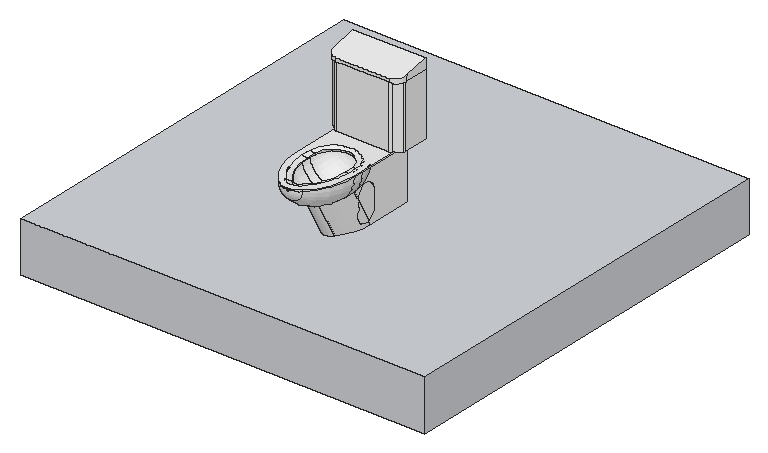
Revit family
Parameters (values of type "WH2145_12")
  Waste Connection = yes
  WH2145_12 - Cistern Tank Toilet (Floor waste is 12” from wall to the center of waste outlet) = yes
  WFU = 10
  Vent Connection = no
  URL = "http://www.whitehallmfg.com"
  Type Comments = ""
  Phone# = "626-336-4561"
  Model = "WH2145_12"
  Material = Stainless Steel-Whitehall-16 Gage-Powder Coated White
  Manufacturer = "Whitehall Mfg"
  HWFU = 0
  HW Connection = no
  Designed By = "Allied Technical Services"  # constant formula
  Description = "Whitehall Ligature Resistant Cistern Tank Toilet"
  Default Elevation = 0"
  Creation Date = "07/20/2015"  # constant formula
  CWFU = 10
  CW Connection = yes
  Assembly Code = "D2010110"
  ATS URL = "http://www.atsspec.net"
Reference planes (in)
  plane 1 "Center (Front/Back)": y = 1.5
  plane 2: z = 0
  plane 3 "Center (Left/Right)": x = 0
  plane 4: x = -7
  plane 5: x = 7
  plane 6: z = 15
  plane 7: y = -29
  plane 8: y = -6.375
  plane 9: z = 32.25
  plane 10: z = 29.75
  plane 11: x = -8.5625
  plane 12: x = 8.5625
  plane 13: x = 4.0625
  plane 14: x = -4.0625
  plane 15: x = -4.0625
  plane 16: x = 4.0625
  plane 17: x = -4.0625
  plane 18: x = 4.0625
  plane 19: y = -10.5
  plane 20: y = -17.625
  plane 21: y = -22.625
  plane 22: x = -5.5
  plane 23: y = -1.39645
  plane 24: y = -10.5
Forms (in)
  Extrusion 1, solid
    sketch origin (0, 0, 0) x (1, 0, 0) y (0, 1, 0)
      loop
        line (-48, 48) -> (-48, -48) -> (48, -48) -> (48, 48) -> (-48, 48)
    from 0 to -12
  Blend 2, solid, material "Stainless Steel-Whitehall-16 Gage-Powder Coated White" <- "Material"
    base sketch origin (0, -1.72011, 0) x (1, 0, 0) y (0, 1, 0)
      loop
        line (4.0625, 3.22011) -> (-4.0625, 3.22011) -> (-4.0625, -7.55903)
        arc (-4.0625, -7.55903) -> (-3.43599, -11.51354) -> (-1.61783, -15.08074) r 12.79364
        arc (-1.61783, -15.08074) -> (0, -15.90489) -> (1.61783, -15.08074) r 2
        arc (1.61783, -15.08074) -> (3.43599, -11.51354) -> (4.0625, -7.55903) r 12.79364
        line (4.0625, -7.55903) -> (4.0625, 3.22011)
    top sketch origin (0, -1.72011, 0) x (1, 0, 0) y (0, 1, 0)
      loop
        line (-4.0625, 3.22011) -> (-4.0625, -12.55903)
        arc (-4.0625, -12.55903) -> (-3.43599, -16.51354) -> (-1.61783, -20.08074) r 12.79364
        arc (-1.61783, -20.08074) -> (0, -20.90489) -> (1.61783, -20.08074) r 2
        arc (1.61783, -20.08074) -> (3.43599, -16.51354) -> (4.0625, -12.55903) r 12.79364
        line (4.0625, -12.55903) -> (4.0625, 3.22011) -> (-4.0625, 3.22011)
    from 0 to 9.35933
  Revolve 3, solid, material "Stainless Steel-Whitehall-16 Gage-Powder Coated White" <- "Material"
    sketch origin (0, 0, 14.75) x (1, 0, 0) y (0, 1, 0)
      loop
        arc (-2.88823, -27.76733) -> (-1.57014, -28.67895) -> (0, -29) r 4
        line (0, -29) -> (0, -27.75)
        arc (0, -27.75) -> (-1.07947, -27.52928) -> (-1.98566, -26.90254) r 2.75
        arc (-1.98566, -26.90254) -> (-4.77373, -22.58152) -> (-5.75, -17.53261) r 13.54364
        line (-5.75, -17.53261) -> (-5.75, -15.28261)
        arc (-5.75, -15.28261) -> (-4.06586, -11.21675) -> (0, -9.53261) r 5.75
        line (0, -9.53261) -> (0, -8.28261)
        arc (0, -8.28261) -> (-4.94975, -10.33287) -> (-7, -15.28261) r 7
        line (-7, -15.28261) -> (-7, -17.53261)
        arc (-7, -17.53261) -> (-5.93362, -23.0475) -> (-2.88823, -27.76733) r 14.79364
      axis (0, -8.28261) -> (0, -29)
    angle from 0 to 180
  Blend 4, solid, material "Stainless Steel-Whitehall-16 Gage-Powder Coated White" <- "Material"
    base sketch origin (0, -2.10102, 0) x (1, 0, 0) y (0, 1, 0)
      loop
        line (-4.0625, 3.60102) -> (-4.0625, -11.43316)
        arc (-4.0625, -11.43316) -> (0, -8.43159) -> (4.0625, -11.43316) r 4.25
        line (4.0625, -11.43316) -> (4.0625, 3.60102) -> (-4.0625, 3.60102)
    top sketch origin (0, -2.10102, 0) x (1, 0, 0) y (0, 1, 0)
      loop
        line (-4.0625, 3.60102) -> (-4.0625, -7.83302)
        arc (-4.0625, -7.83302) -> (0, -5.23884) -> (4.0625, -7.83302) r 4.47804
        line (4.0625, -7.83302) -> (4.0625, 3.60102) -> (-4.0625, 3.60102)
    from 9.35933 to 14.75
  Extrusion 5, solid, material "Stainless Steel-Whitehall-16 Gage-Powder Coated White"
    sketch origin (0, 0, 0) x (1, 0, 0) y (0, 1, 0)
      loop
        arc (-7, -17.53261) -> (-5.93362, -23.0475) -> (-2.88823, -27.76733) r 14.79364
        arc (-2.88823, -27.76733) -> (0, -29) -> (2.88823, -27.76733) r 4
        arc (2.88823, -27.76733) -> (5.93362, -23.0475) -> (7, -17.53261) r 14.79364
        line (7, -17.53261) -> (7, 1.5) -> (-7, 1.5) -> (-7, -17.53261)
      loop
        line (-5.75, -15.28261) -> (-5.75, -17.53261)
        arc (-5.75, -17.53261) -> (-4.77373, -22.58152) -> (-1.98566, -26.90254) r 13.54364
        arc (-1.98566, -26.90254) -> (0, -27.75) -> (1.98566, -26.90254) r 2.75
        arc (1.98566, -26.90254) -> (4.77373, -22.58152) -> (5.75, -17.53261) r 13.54364
        line (5.75, -17.53261) -> (5.75, -15.28261)
        arc (5.75, -15.28261) -> (0, -9.53261) -> (-5.75, -15.28261) r 5.75
      loop
        circle (0, -2.75) r 0.75
    from 14.75 to 15
  Sweep 6, solid, material "Stainless Steel-Whitehall-16 Gage-Powder Coated White"
    path origin (0, 0, 0) x (1, 0, 0) y (0, 1, 0)
      loop
        arc (-5.75, -17.53261) -> (-4.77373, -22.58152) -> (-1.98566, -26.90254) r 13.54364
        arc (-1.98566, -26.90254) -> (0, -27.75) -> (1.98566, -26.90254) r 2.75
        arc (1.98566, -26.90254) -> (4.77373, -22.58152) -> (5.75, -17.53261) r 13.54364
        line (5.75, -17.53261) -> (5.75, -15.28261)
        arc (5.75, -15.28261) -> (0, -9.53261) -> (-5.75, -15.28261) r 5.75
        line (-5.75, -15.28261) -> (-5.75, -17.53261)
    profile origin (-5.75, -16.40761, 0) x (-1, 0, 0) y (0, 0, 1)
      loop
        line (0, 15) -> (-0.25, 15)
        arc (-0.25, 15) -> (-0.82681, 14.90577) -> (-1.34365, 14.63287) r 1.8125
        arc (-1.34365, 14.63287) -> (-1.36912, 14.5504) -> (-1.29904, 14.5) r 0.07392
        line (-1.29904, 14.5) -> (0, 14.5) -> (0, 15)
  Extrusion 7, void
    sketch origin (0, -4.2969, 0) x (1, 0, 0) y (0, 1, 0)
      loop
        circle (0, -6.2031) r 1.0625
    from 0 to 0.25
  Extrusion 8, solid, material "Stainless Steel-Whitehall-16 Gage-Powder Coated White"
    sketch origin (0, 0, 0) x (1, 0, 0) y (0, 1, 0)
      loop
        line (-8.5625, 1.5) -> (-8.5625, -4.29289)
        arc (-8.5625, -4.29289) -> (-8.52444, -4.48423) -> (-8.41605, -4.64645) r 0.5
        line (-8.41605, -4.64645) -> (-6.98039, -6.08211)
        arc (-6.98039, -6.08211) -> (-6.65597, -6.29888) -> (-6.27329, -6.375) r 1
        line (-6.27329, -6.375) -> (6.27329, -6.375)
        arc (6.27329, -6.375) -> (6.65597, -6.29888) -> (6.98039, -6.08211) r 1
        line (6.98039, -6.08211) -> (8.41605, -4.64645)
        arc (8.41605, -4.64645) -> (8.52444, -4.48423) -> (8.5625, -4.29289) r 0.5
        line (8.5625, -4.29289) -> (8.5625, 1.5) -> (-8.5625, 1.5)
    from 15 to 29.75
  Extrusion 9, void
    sketch origin (0, 3.375, 0) x (0, 1, 0) y (0, 0, 1)
      loop
        line (-9.75, 30.57612) -> (-1.875, 32.25) -> (-9.75, 32.25) -> (-9.75, 30.57612)
    from -8.5625 to 8.5625
  Blend 10, solid, material "Stainless Steel-Whitehall-16 Gage-Powder Coated White" <- "Material"
    base sketch origin (0, 0, 0) x (1, 0, 0) y (0, 1, 0)
      loop
        line (-8.5625, 1.5) -> (-8.5625, -4.125)
        arc (-8.5625, -4.125) -> (-7.90349, -5.71599) -> (-6.3125, -6.375) r 2.25
        line (-6.3125, -6.375) -> (6.3125, -6.375)
        arc (6.3125, -6.375) -> (7.90349, -5.71599) -> (8.5625, -4.125) r 2.25
        line (8.5625, -4.125) -> (8.5625, 1.5) -> (-8.5625, 1.5)
    top sketch origin (0, 0, 0) x (1, 0, 0) y (0, 1, 0)
      loop
        line (-8.5625, 1.5) -> (-8.5625, -4.125)
        arc (-8.5625, -4.125) -> (-7.90349, -5.71599) -> (-6.3125, -6.375) r 2.25
        line (-6.3125, -6.375) -> (6.3125, -6.375)
        arc (6.3125, -6.375) -> (7.90349, -5.71599) -> (8.5625, -4.125) r 2.25
        line (8.5625, -4.125) -> (8.5625, 1.5) -> (-8.5625, 1.5)
    from 29.75 to 32.25
  Extrusion 11, solid, material "Stainless Steel-Whitehall-16 Gage-Powder Coated White"
    sketch origin (0, 0.375, 0) x (0, 1, 0) y (0, 0, 1)
      loop
        arc (-3.375, 29.5) -> (-3.46339, 29.46339) -> (-3.5, 29.375) r 0.125
        line (-3.5, 29.375) -> (-3.5, 28.125)
        arc (-3.5, 28.125) -> (-3.46339, 28.03661) -> (-3.375, 28) r 0.125
        line (-3.375, 28) -> (-2.125, 28)
        arc (-2.125, 28) -> (-2.03661, 28.03661) -> (-2, 28.125) r 0.125
        line (-2, 28.125) -> (-2, 29.375)
        arc (-2, 29.375) -> (-2.03661, 29.46339) -> (-2.125, 29.5) r 0.125
        line (-2.125, 29.5) -> (-3.375, 29.5)
    from -9.0625 to -8.5625
  Extrusion 12, solid, material "Stainless Steel-Whitehall-16 Gage-Powder Coated White"
    sketch origin (0, 0.375, 0) x (0, 1, 0) y (0, 0, 1)
      loop
        line (-2.125, 28.25) -> (-2.125, 29.25)
        arc (-2.125, 29.25) -> (-2.16161, 29.33839) -> (-2.25, 29.375) r 0.125
        line (-2.25, 29.375) -> (-3.25, 29.375)
        arc (-3.25, 29.375) -> (-3.33839, 29.33839) -> (-3.375, 29.25) r 0.125
        line (-3.375, 29.25) -> (-3.375, 28.25)
        arc (-3.375, 28.25) -> (-3.33839, 28.16161) -> (-3.25, 28.125) r 0.125
        line (-3.25, 28.125) -> (-2.25, 28.125)
        arc (-2.25, 28.125) -> (-2.16161, 28.16161) -> (-2.125, 28.25) r 0.125
    from -9.3125 to -8.5625
  Revolve 13, void
    sketch origin (0, 0, 14.75) x (1, 0, 0) y (0, 1, 0)
      loop
        arc (0, -9.53261) -> (-4.06586, -11.21675) -> (-5.75, -15.28261) r 5.75
        line (-5.75, -15.28261) -> (-5.75, -17.53261)
        arc (-5.75, -17.53261) -> (-4.77373, -22.58152) -> (-1.98566, -26.90254) r 13.54364
        arc (-1.98566, -26.90254) -> (-1.07947, -27.52928) -> (0, -27.75) r 2.75
        line (0, -27.75) -> (0, -9.53261)
      axis (0, -9.53261) -> (0, -27.75)
    angle from 0 to 180
  Extrusion 14, solid, material "Stainless Steel-Whitehall-16 Gage-Powder Coated White" <- "Material"
    sketch origin (2.9375, 0, 0.22882) x (1, 0, 0) y (0, 1, 0)
      loop
        line (-9.9375, 1.5) -> (-9.9375, -3.5) -> (-7.03125, -3.5) -> (-7.03125, -4) -> (-7, -4) -> (-7, 1.5) -> (-9.9375, 1.5)
    from 2.77118 to 14.52118
  Extrusion 15, void
    sketch origin (0, 0, 0) x (0, 1, 0) y (0, 0, -1)
      loop
        line (1.5, -3) -> (-4, -3) -> (-4, -5) -> (-3.5, -5) -> (1.5, -3)
    from 4.0625 to 7
  Extrusion 16, void
    sketch origin (0, 0, 0) x (0, 1, 0) y (0, 0, 1)
      loop
        circle (-10.50322, 9.16665) r 0.125
      loop
        circle (-12.52933, 7.18292) r 0.125
      loop
        circle (-12.5221, 3.13641) r 0.125
      loop
        circle (-10.50322, 1.14002) r 0.125
      loop
        circle (-8.4771, 7.18292) r 0.125
      loop
        circle (-8.48433, 3.13641) r 0.125
      loop
        line (-12.75, 7.14454) -> (-12.75, 3.09537)
        arc (-12.75, 3.09537) -> (-10.5, 0.84537) -> (-8.25, 3.09537) r 2.25
        line (-8.25, 3.09537) -> (-8.25, 7.14454)
        arc (-8.25, 7.14454) -> (-10.5, 9.39454) -> (-12.75, 7.14454) r 2.25
      loop
        arc (-8.28125, 7.14454) -> (-10.5, 9.36329) -> (-12.71875, 7.14454) r 2.21875
        line (-12.71875, 7.14454) -> (-12.71875, 3.09537)
        arc (-12.71875, 3.09537) -> (-10.5, 0.87662) -> (-8.28125, 3.09537) r 2.21875
        line (-8.28125, 3.09537) -> (-8.28125, 7.14454)
    from 3.72076 to 4.34109
  Extrusion 17, void
    sketch origin (0, 0, 0) x (0, 1, 0) y (0, 0, -1)
      loop
        circle (-10.50322, -9.16665) r 0.125
      loop
        circle (-12.52933, -7.18292) r 0.125
      loop
        circle (-12.5221, -3.13641) r 0.125
      loop
        circle (-10.50322, -1.14002) r 0.125
      loop
        circle (-8.4771, -7.18292) r 0.125
      loop
        circle (-8.48433, -3.13641) r 0.125
      loop
        arc (-12.75, -7.14454) -> (-10.5, -9.39454) -> (-8.25, -7.14454) r 2.25
        line (-8.25, -7.14454) -> (-8.25, -3.09537)
        arc (-8.25, -3.09537) -> (-10.5, -0.84537) -> (-12.75, -3.09537) r 2.25
        line (-12.75, -3.09537) -> (-12.75, -7.14454)
      loop
        line (-8.28125, -7.14454) -> (-8.28125, -3.09537)
        arc (-8.28125, -3.09537) -> (-10.5, -0.87662) -> (-12.71875, -3.09537) r 2.21875
        line (-12.71875, -3.09537) -> (-12.71875, -7.14454)
        arc (-12.71875, -7.14454) -> (-10.5, -9.36329) -> (-8.28125, -7.14454) r 2.21875
    from 3.72076 to 4.34109
  Extrusion 18, solid, material "Stainless Steel-Whitehall-16 Gage-Powder Coated White"
    sketch origin (0, 0, 0.48981) x (1, 0, 0) y (0, 1, 0)
      loop
        circle (-5.5, -1.39645) r 0.5
    from 13.26019 to 14.26019
Cuts and joins
  Extrusion 7, Revolve 13, Extrusion 15, Extrusion 16, Extrusion 17 cuts Blend 2
  Extrusion 7, Extrusion 15, Extrusion 16, Extrusion 17 cuts Revolve 3
  Extrusion 7, Extrusion 15, Extrusion 16, Extrusion 17 cuts Blend 4
  Extrusion 15, Extrusion 16, Extrusion 17 cuts Extrusion 14
  joined: Blend 2, Revolve 3, Blend 4, Extrusion 14
  joined: Extrusion 5, Sweep 6, Extrusion 8, Extrusion 11, Extrusion 12, Extrusion 18
  Extrusion 9 cuts Blend 10
Lines and regions (in)
  Split face 1
    outline origin (7, -6.375, 30.57612) x (0, 0.978148, 0.207912) y (-1, 0, 0)
      loop
        circle (7.6628, 7) r 0.125
  Split face 2
    outline origin (7.0625, -6.375, 30.57612) x (0, 0.978148, 0.207912) y (-1, 0, 0)
      loop
        circle (7.6628, 14.8939) r 0.125
  Split face 3
    outline origin (8.5625, -6.375, 30.57612) x (0, 0.978148, 0.207912) y (-1, 0, 0)
      loop
        circle (7.6628, 0.75) r 0.125
  Split face 4
    outline origin (0, -6.375, 29.8756) x (1, 0, 0) y (0, 0, 1)
      loop
        circle (0, 0.24218) r 0.125
  Split face 5
    outline origin (0, -6.375, 29.8756) x (1, 0, 0) y (0, 0, 1)
      loop
        circle (-5.86086, 0.24218) r 0.125
  Split face 6
    outline origin (0, -6.375, 29.8756) x (1, 0, 0) y (0, 0, 1)
      loop
        circle (5.86086, 0.24218) r 0.125
  Split face 7
    outline origin (-8.5625, -1.3125, 30) x (0, -1, 0) y (0, 0, 1)
      loop
        circle (-1.2466, 0.24341) r 0.125
  Split face 8
    outline origin (8.5625, -1.3125, 30) x (0, 1, 0) y (0, 0, 1)
      loop
        circle (1.2466, 0.24341) r 0.125
  Split face 9
    outline origin (8.5625, -4.29289, 29.75) x (0, 0, -1) y (0, 1, 0)
      loop
        circle (0.50411, 5.29289) r 0.125
  Split face 10
    outline origin (8.5625, -4.29289, 29.75) x (0, 0, -1) y (0, 1, 0)
      loop
        circle (14.24589, 5.29289) r 0.125
  Split face 11
    outline origin (8.5625, -4.29289, 29.75) x (0, 0, -1) y (0, 1, 0)
      loop
        circle (7.375, 5.29289) r 0.125
  Split face 12
    outline origin (4.0625, -3.88957, 0) x (0, 1, 0) y (0, 0, 1)
      loop
        circle (4.72071, 7.12944) r 0.125
  Split face 13
    outline origin (4.0625, -3.88957, 0) x (0, 1, 0) y (0, 0, 1)
      loop
        circle (4.73437, 1.71138) r 0.125
  Split face 14
    outline origin (4.0625, -3.88957, 0) x (0, 1, 0) y (0, 0, 1)
      loop
        circle (4.71831, 12.56607) r 0.125
  Split face 15
    outline origin (-4.0625, -3.88957, 0) x (0, -1, 0) y (0, 0, 1)
      loop
        circle (-4.73437, 1.71138) r 0.125
  Split face 16
    outline origin (-4.09375, -3.5, 14.75) x (0, 0, -1) y (0, -1, 0)
      loop
        circle (9.14307, 0.23673) r 0.125
  Split face 17
    outline origin (-4.09375, -3.5, 14.75) x (0, 0, -1) y (0, -1, 0)
      loop
        circle (0.60693, 0.23673) r 0.125
  Split face 18
    outline origin (-4.09375, -3.5, 14.75) x (0, 0, -1) y (0, -1, 0)
      loop
        circle (4.875, 0.2544) r 0.125
Dimensions and locks (in)
  plane 4 to plane 5 = 14"
  plane 12 to plane 11 = 17 1/8"
  plane 9 to Extrusion 1 = 32 1/4"
  plane 6 to Extrusion 1 = 15"
  plane 1 "Center (Front/Back)" to plane 8 = 7 7/8"
  plane 7 to plane 1 "Center (Front/Back)" = 30 1/2"
  plane 18 to plane 17 = 8 1/8"
  plane 1 "Center (Front/Back)" to plane 24 = 12"
  aligned and locked: plane 2 to Extrusion 1
  aligned and locked: level to Extrusion 1
Connectors (in)
  piping at (-5.5, -1.39645, 13.75), driven by "CWFU"
    settings: on Extrusion 18, index 6
  piping at (0, -10.5, 0), driven by "WFU"
    settings: on cut or joined group of Blend 2, Revolve 3, Blend 4, Extrusion 7, Revolve 13, Extrusion 14, Extrusion 15, Extrusion 16, Extrusion 17, index 9
